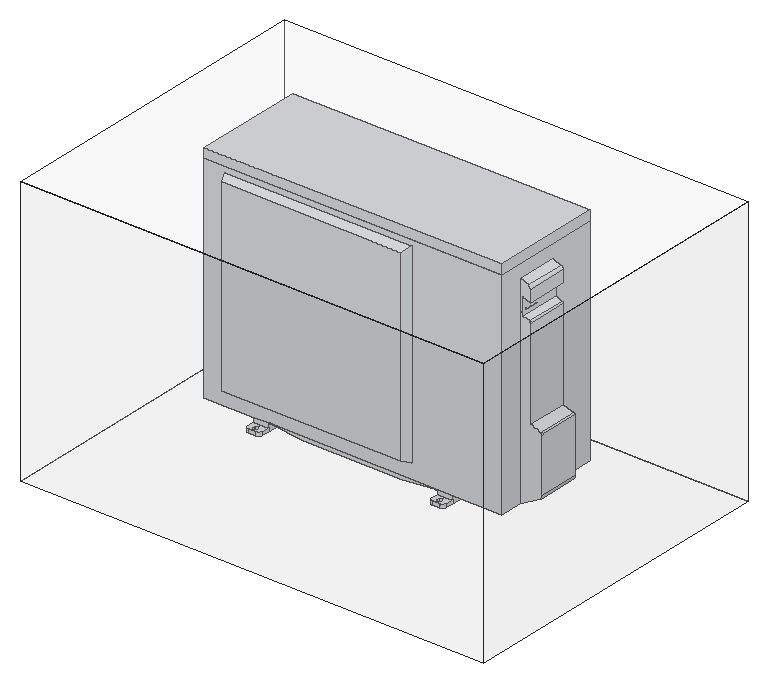
Revit family "puz-zrmp40_63(s)ka11_60Hz", category 機械設備, Revit 2019
Family settings
  丸型コネクタ寸法 = 直径を使用
  パーツ タイプ = 標準
  OmniClass 番号 = 23.75.10.24.21.27.27
  OmniClass タイトル = Split System Air Conditioning Units
  作業面ベース = いいえ
  常に垂直 = はい
  ロード時にボイドで切り取り = いいえ
  共有 = いいえ
  部屋計算ポイント = いいえ
Parameters (values of type "PUZ-ZRMP40KA11")
  音響パワーレベル（冷）(dB) = 64
  音響パワーレベル(dB) = 66
  電源種別 = ""
  電源位置Y = 61 mm
  電源位置Z = 497.7 mm
  電源位置X = 400 mm
  電圧 = 200 V
  電動機出力_送風機 = 0.04 kW
  電動機出力_圧縮機 = 0.6 kW
  集中コントローラ [instance] = ""
  運転質量 = 0.00 kg
  運転方法 = "冷暖切替"
  質量 = if(製品質量 > 運転質量, 製品質量, 運転質量) * 1.2  # 49.20 kg
  負荷分類 = 1_熱源類
  説明 = "空冷H/P PAC インバータ室外機"
  設計暖房能力 [instance] = 0 kW
  設計冷房能力_顕熱 [instance] = 0 kW
  設計冷房能力 [instance] = 0 kW
  設置方法 = "床置形"
  記号 [instance] = ""
  製造元 = "三菱電機株式会社"
  製品質量 = 41.00 kg
  製品出荷対象 = "国内"
  製品リリース年月 = "2021年5月10日"
  製品グループ = ""
  系統 [instance] = ""
  符号 = "PAC"
  積算_科目 = "1 空気調和設備"
  積算_拾い区分 [instance] = ""
  相 = 3
  盤記号 [instance] = ""
  発停方法 = "付属スイッチ"
  特殊仕様 [instance] = ""
  消費電力_暖房 = 0.705 kW
  消費電力_冷房 = 0.615 kW
  消費電力 = if(消費電力_冷房 > 消費電力_暖房, 消費電力_冷房, 消費電力_暖房)  # 0.705 kW
  法定耐用年数 = "6"
  構成品番 = "PUZ-ZRMP40KA"
  極数 = 3
  材質 [instance] = ""
  本体マテリアル = none
  最小電線太さ_mm2 = 1.6
  最大電流値 = 0 A
  暖房能力 = 4 kW
  推奨ブレーカー容量 = 15 A
  据付ピッチ1 = 0 mm
  形式 = "パッケージ形 室外機"
  形名 = PUZ-ZRMP-1 : PUZ-ZRMP-1
  幹線記号 [instance] = ""
  始動方式 = "インバータ始動方式"
  呼称 = "パッケージ形空気調和機_室外機"
  周波数 = 60 Hz
  価格 = 482000
  ドレン　位置Z = 8.5 mm
  ドレン　位置Y = 48.5 mm
  ドレン　位置X = 404.5 mm
  アンカーボルト位置Y = 330 mm
  アンカーボルト位置X = 500 mm
  参照している仕様書等のバージョン = "公共建築物標準仕様書（機械設備工事編）平成31年度版"
  分類コード = "50053003126100"
  分類グループ = ""
  冷房能力 = 3.6 kW
  冷媒管（ガス）位置X = 420 mm
  冷媒管（液）位置X = 420 mm
  冷媒管（液）位置Y = 153.75 mm
  冷媒管（ガス）位置Y = 153.75 mm
  冷媒管長 [instance] = 0 mm
  冷媒管径符号 = "Ac"
  冷媒管径 = 60.00 mm
  冷媒管位置Z = 158.95 mm
  冷媒管位置Y = (冷媒管（液）位置Y + 冷媒管（ガス）位置Y) / 2  # 153.75 mm
  冷媒管位置X = (冷媒管（液）位置X + 冷媒管（ガス）位置X) / 2  # 420 mm
  冷媒液管径 = 6.35 mm
  冷媒ガス管径 = 12.70 mm
  企業コード = "108420"
  付属品 [instance] = ""
  仕様書バージョン = "Version1.0"
  ユニット数 = 1
  ユニット3 = yes
  ユニット2 = yes
  Model = ""
  ドレン管径 = 42.00 mm
  サービススペース = yes
  コメント [instance] = ""
  ケーブル種類1 = ""
  Width = 809 mm
  Version = ""
  Uniclass2015Version = "Systems v1.9"
  Uniclass2015Title = "Split coil remote air cooled condensing units"
  Uniclass2015Code = "Pr_70_65_03_84"
  URL = "https://www.mitsubishielectric.co.jp/ldg/wink/ssl/displayProduct.do?pid=311383"
  SpecificationReference = ""
  SpecificationDescription = ""
  Revision = ""
  ProductInformation = ""
  OmniClassCode = "23-33 17 13 11"
  IfcTypeProduct = ""
  IfcProduct = ""
  IfcExportType = "AIRCONDITIONINGUNIT"
  IfcExportAs = "IfcUnitaryEquipmentType"
  Height = 630 mm
  Depth = 300 mm
  Clearance Top = 100 mm
  Clearance Right = 350 mm
  Clearance Left = 100 mm
  Clearance Front = 500 mm
  Clearance Bottom = 0 mm
  Clearance Back = 100 mm
  COP = 0
  Author = "三菱電機株式会社"
  APF = 0
Reference planes
  plane 1 "中心(正面/背面)": y = 74
  plane 2: z = 0
  plane 3 "中心(左/右)": x = 830
  plane 4 "右": x = 1234.5
  plane 5 "左": x = 425.5
  plane 6 "背面": y = 224
  plane 7 "正面": y = -76
  plane 8 "上部": z = 630
  plane 9 "Clearanse Top": z = 730
  plane 10 "SS_back": y = 324
  plane 11 "SS_front": y = -576
  plane 12 "SS_left": x = 325.5
  plane 13 "SS_right": x = 1584.5
  plane 14: z = 0
  plane 15: y = -15
  plane 16: x = 1230
  plane 17: z = 497.7
  plane 18: y = -13
  plane 19: y = 70.25
  plane 20: x = 1250
  plane 21: y = 175.5
  plane 22: x = 830
  plane 23: z = 10.5
  plane 24: z = 8.5
  plane 25: x = 580
  plane 26: x = 1080
  plane 27: y = 239
  plane 28: y = -91
Forms (mm)
  Extrusion 1, solid, detail levels fine
    sketch origin (0, -76, 0) x (1, 0, 0) y (0, 0, 1)
      loop
        circle (1230, 497.7) r 13.5
    from -63 to -61
  Extrusion 2, solid, detail levels fine
    sketch origin (-1437.329, -1524, 54) x (-1, 0, 0) y (0, -1, 0)
      loop
        circle (-2267.329, -1699.5) r 21
    from -45.5 to -43.5
  Sweep 3, solid, material <- "本体マテリアル", detail levels fine
    path origin (1250, 1296.25, 1200) x (0, 1, 0) y (0, 0, 1)
      loop
        line (-1226, -1041.05) -> (-1272.623, -1084.565)
    profile origin (1250, 46.939, 137.193) x (0, 0.682318, -0.731055) y (1, 0, 0)
      loop
        circle (0, 0) r 30
Lines and regions (mm)
  model lines, not visible
    curve 1: line (460, 178.667, 1289.179) -> (460, 297.73, 1289.179)
    curve 2: line (460, 178.667, 1056.056) -> (460, 178.667, 1289.179)
    curve 3: line (460, 297.73, 1056.056) -> (460, 178.667, 1056.056)
    curve 4: line (460, 297.73, 1289.179) -> (460, 297.73, 1056.056)
    curve 5: line (460, 47.598, 1289.179) -> (460, 166.661, 1289.179)
    curve 6: line (460, 47.598, 1056.056) -> (460, 47.598, 1289.179)
    curve 7: line (460, 166.661, 1056.056) -> (460, 47.598, 1056.056)
    curve 8: line (460, 166.661, 1289.179) -> (460, 166.661, 1056.056)
    curve 9: line (460, -83.471, 1289.179) -> (460, 35.592, 1289.179)
    curve 10: line (460, -83.471, 1056.056) -> (460, -83.471, 1289.179)
    curve 11: line (460, 35.592, 1056.056) -> (460, -83.471, 1056.056)
    curve 12: line (460, 35.592, 1289.179) -> (460, 35.592, 1056.056)
    curve 13: line (460, -150.779, 1289.179) -> (460, -95.75, 1289.179)
    curve 14: line (460, -150.779, 1056.056) -> (460, -150.779, 1289.179)
    curve 15: line (460, -95.75, 1056.056) -> (460, -150.779, 1056.056)
    curve 16: line (460, -95.75, 1289.179) -> (460, -95.75, 1056.056)
    curve 17: line (460, -150.779, 1283.175) -> (460, -132.596, 1283.175)
    curve 18: line (460, -150.779, 1062.059) -> (460, -150.779, 1283.175)
    curve 19: line (460, -132.596, 1062.059) -> (460, -150.779, 1062.059)
    curve 20: line (460, -132.596, 1283.175) -> (460, -132.596, 1062.059)
    curve 21: line (460, 178.667, 1046.051) -> (460, 297.73, 1046.051)
    curve 22: line (460, 178.667, 812.928) -> (460, 178.667, 1046.051)
    curve 23: line (460, 297.73, 812.928) -> (460, 178.667, 812.928)
    curve 24: line (460, 297.73, 1046.051) -> (460, 297.73, 812.928)
    curve 25: line (460, 47.598, 1046.051) -> (460, 166.661, 1046.051)
    curve 26: line (460, 47.598, 812.928) -> (460, 47.598, 1046.051)
    curve 27: line (460, 166.661, 812.928) -> (460, 47.598, 812.928)
    curve 28: line (460, 166.661, 1046.051) -> (460, 166.661, 812.928)
    curve 29: line (460, -83.471, 1046.051) -> (460, 35.592, 1046.051)
    curve 30: line (460, -83.471, 812.928) -> (460, -83.471, 1046.051)
    curve 31: line (460, 35.592, 812.928) -> (460, -83.471, 812.928)
    curve 32: line (460, 35.592, 1046.051) -> (460, 35.592, 812.928)
    curve 33: line (460, -150.779, 1046.051) -> (460, -95.75, 1046.051)
    curve 34: line (460, -150.779, 812.928) -> (460, -150.779, 1046.051)
    curve 35: line (460, -95.75, 812.928) -> (460, -150.779, 812.928)
    curve 36: line (460, -95.75, 1046.051) -> (460, -95.75, 812.928)
    curve 37: line (460, -150.779, 1040.048) -> (460, -132.596, 1040.048)
    curve 38: line (460, -150.779, 818.931) -> (460, -150.779, 1040.048)
    curve 39: line (460, -132.596, 818.931) -> (460, -150.779, 818.931)
    curve 40: line (460, -132.596, 1040.048) -> (460, -132.596, 818.931)
    curve 41: line (460, 178.667, 802.923) -> (460, 297.73, 802.923)
    curve 42: line (460, 178.667, 569.8) -> (460, 178.667, 802.923)
    curve 43: line (460, 297.73, 569.8) -> (460, 178.667, 569.8)
    curve 44: line (460, 297.73, 802.923) -> (460, 297.73, 569.8)
    curve 45: line (460, 47.598, 802.923) -> (460, 166.661, 802.923)
    curve 46: line (460, 47.598, 569.8) -> (460, 47.598, 802.923)
    curve 47: line (460, 166.661, 569.8) -> (460, 47.598, 569.8)
    curve 48: line (460, 166.661, 802.923) -> (460, 166.661, 569.8)
    curve 49: line (460, -83.471, 802.923) -> (460, 35.592, 802.923)
    curve 50: line (460, -83.471, 569.8) -> (460, -83.471, 802.923)
    curve 51: line (460, 35.592, 569.8) -> (460, -83.471, 569.8)
    curve 52: line (460, 35.592, 802.923) -> (460, 35.592, 569.8)
    curve 53: line (460, -150.779, 802.923) -> (460, -95.75, 802.923)
    curve 54: line (460, -150.779, 569.8) -> (460, -150.779, 802.923)
    curve 55: line (460, -95.75, 569.8) -> (460, -150.779, 569.8)
    curve 56: line (460, -95.75, 802.923) -> (460, -95.75, 569.8)
    curve 57: line (460, -150.779, 796.92) -> (460, -132.596, 796.92)
    curve 58: line (460, -150.779, 575.803) -> (460, -150.779, 796.92)
    curve 59: line (460, -132.596, 575.803) -> (460, -150.779, 575.803)
    curve 60: line (460, -132.596, 796.92) -> (460, -132.596, 575.803)
    curve 61: line (460, 178.667, 559.795) -> (460, 297.73, 559.795)
    curve 62: line (460, 178.667, 326.672) -> (460, 178.667, 559.795)
    curve 63: line (460, 297.73, 326.672) -> (460, 178.667, 326.672)
    curve 64: line (460, 297.73, 559.795) -> (460, 297.73, 326.672)
    curve 65: line (460, 47.598, 559.795) -> (460, 166.661, 559.795)
    curve 66: line (460, 47.598, 326.672) -> (460, 47.598, 559.795)
    curve 67: line (460, 166.661, 326.672) -> (460, 47.598, 326.672)
    curve 68: line (460, 166.661, 559.795) -> (460, 166.661, 326.672)
    curve 69: line (460, -83.471, 559.795) -> (460, 35.592, 559.795)
    curve 70: line (460, -83.471, 326.672) -> (460, -83.471, 559.795)
    curve 71: line (460, 35.592, 326.672) -> (460, -83.471, 326.672)
    curve 72: line (460, 35.592, 559.795) -> (460, 35.592, 326.672)
    curve 73: line (460, -150.779, 559.795) -> (460, -95.75, 559.795)
    curve 74: line (460, -150.779, 326.672) -> (460, -150.779, 559.795)
    curve 75: line (460, -95.75, 326.672) -> (460, -150.779, 326.672)
    curve 76: line (460, -95.75, 559.795) -> (460, -95.75, 326.672)
    curve 77: line (460, -150.779, 553.792) -> (460, -132.596, 553.792)
    curve 78: line (460, -150.779, 332.675) -> (460, -150.779, 553.792)
    curve 79: line (460, -132.596, 332.675) -> (460, -150.779, 332.675)
    curve 80: line (460, -132.596, 553.792) -> (460, -132.596, 332.675)
    curve 81: line (460, 178.667, 316.667) -> (460, 297.73, 316.667)
    curve 82: line (460, 178.667, 83.544) -> (460, 178.667, 316.667)
    curve 83: line (460, 297.73, 83.544) -> (460, 178.667, 83.544)
    curve 84: line (460, 297.73, 316.667) -> (460, 297.73, 83.544)
    curve 85: line (460, 47.598, 316.667) -> (460, 166.661, 316.667)
    curve 86: line (460, 47.598, 83.544) -> (460, 47.598, 316.667)
    curve 87: line (460, 166.661, 83.544) -> (460, 47.598, 83.544)
    curve 88: line (460, 166.661, 316.667) -> (460, 166.661, 83.544)
    curve 89: line (460, -83.471, 316.667) -> (460, 35.592, 316.667)
    curve 90: line (460, -83.471, 83.544) -> (460, -83.471, 316.667)
    curve 91: line (460, 35.592, 83.544) -> (460, -83.471, 83.544)
    curve 92: line (460, 35.592, 316.667) -> (460, 35.592, 83.544)
    curve 93: line (460, -150.779, 316.667) -> (460, -95.75, 316.667)
    curve 94: line (460, -150.779, 83.544) -> (460, -150.779, 316.667)
    curve 95: line (460, -95.75, 83.544) -> (460, -150.779, 83.544)
    curve 96: line (460, -95.75, 316.667) -> (460, -95.75, 83.544)
    curve 97: line (460, -150.779, 310.664) -> (460, -132.596, 310.664)
    curve 98: line (460, -150.779, 89.547) -> (460, -150.779, 310.664)
    curve 99: line (460, -132.596, 89.547) -> (460, -150.779, 89.547)
    curve 100: line (460, -132.596, 310.664) -> (460, -132.596, 89.547)
Dimensions and locks
  equal spacing: plane 7 "正面", plane 1 "中心(正面/背面)", plane 6 "背面"
  "Depth": plane 7 "正面" to plane 6 "背面"
  "Width": plane 5 "左" to plane 4 "右"
  equal spacing: plane 5 "左", plane 3 "中心(左/右)", plane 4 "右"
  "Clearance Left": plane 12 "SS_left" to plane 5 "左"
  "Clearance Right": plane 4 "右" to plane 13 "SS_right"
  "Clearance Back": plane 6 "背面" to plane 10 "SS_back"
  "Clearance Front": plane 11 "SS_front" to plane 7 "正面"
  "Height": plane 8 "上部" to level
  "Clearance Top": plane 9 "Clearanse Top" to plane 8 "上部"
  "Clearance Bottom": level to plane 14
  "電源位置X": plane 3 "中心(左/右)" to plane 16
  "電源位置Y": plane 7 "正面" to plane 15
  "電源位置Z": plane 17 to level
  locked: plane 15 to plane 18 at 2
  "冷媒管位置X": plane 3 "中心(左/右)" to plane 20
  "冷媒管位置Y": plane 19 to plane 6 "背面"
  "ドレン　位置X": plane 5 "左" to plane 22
  "ドレン　位置Y": plane 21 to plane 6 "背面"
  locked: plane 23 to plane 24 at 2
  "ドレン　位置Z": plane 24 to level
  equal spacing: plane 28, plane 1 "中心(正面/背面)", plane 27
  "アンカーボルト位置Y": plane 28 to plane 27
  equal spacing: plane 25, plane 3 "中心(左/右)", plane 26
  "アンカーボルト位置X": plane 25 to plane 26
  radius of Extrusion 1 sketch curve = 13.5 mm
  "ドレン管径": diameter of Extrusion 2 sketch curve
  "冷媒管径": diameter of Sweep 3 sketch curve
  aligned and locked: level to plane 2
  aligned and locked: plane 10 "SS_back" to nested 1  (x2)
  aligned and locked: plane 13 "SS_right" to nested 1
  aligned and locked: plane 12 "SS_left" to nested 1  (x2)
  aligned and locked: nested 1 to plane 13 "SS_right"
  aligned and locked: plane 11 "SS_front" to nested 1
  aligned and locked: plane 9 "Clearanse Top" to nested 1
  aligned and locked: plane 1 "中心(正面/背面)" to nested 2
  aligned and locked: plane 3 "中心(左/右)" to nested 2
  aligned and locked: plane 14 to nested 1
  aligned and locked: plane 17 to Extrusion 1 sketch curve
  aligned and locked: plane 16 to Extrusion 1 sketch curve
  aligned and locked: Extrusion 1 to plane 18
  aligned and locked: plane 15 to Extrusion 1
  aligned and locked: plane 22 to Extrusion 2 sketch curve
  aligned and locked: plane 21 to Extrusion 2 sketch curve
  aligned and locked: plane 23 to Extrusion 2
  aligned and locked: Extrusion 2 to plane 24
  aligned and locked: plane 25 to nested 3
  aligned and locked: plane 27 to nested 3
Automatic sketch dimensions
  Sweep 3 sketch curve to plane 18 = 36.627 mm
  plane 1 "中心(正面/背面)" to Sweep 3 sketch curve = 3.75 mm
  plane 23 to Sweep 3 sketch curve = 104.935 mm
  Sweep 3 sketch curve to Sweep 3 sketch curve = 43.515 mm
  Sweep 3 sketch curve to plane 20 = 0 mm
  Sweep 3 sketch curve to profile plane = 0 mm
Nested families
  nested 1: "サービススペース" at (955, -126, 365), visible <- "サービススペース", type "サービススペース"
    with Width 1259 mm, Height 730 mm, Depth 900 mm
  nested 2: "PUZ-ZRMP-1" at (830, 74, 0), type <- "形名", type "PUZ-ZRMP-1"
  nested 3: "固定点" at (580, -91, 0), type "固定点"
    with 中心円 10 mm, W 500 mm, D 330 mm
Connectors
  electrical at (1230, -15, 497.7), driven by "極数", driven by "負荷分類", driven by "電圧", driven by "消費電力"
    settings: on Extrusion 1, index 2, voltage 200 V, apparent load 705 VA, apparent load phase1 0 VA, apparent load phase2 0 VA, apparent load phase3 0 VA, power factor 1, load classification "1_熱源類", number of poles 3, system type 30, power factor state 1, is connector primary yes, connector utility no, sub classification motor no, connector description ""
  piping at (1250, 70.25, 158.95), diameter 60, driven by "冷媒管径", driven by "冷媒管径符号"
    settings: on Sweep 3, index 3, connector inside diameter 609.60 mm, connector length 0 mm, flow factor 0, pipe flow 0.0 L/s, pressure drop 0.0 Pa, fitting loss kfactor 0, connector angle 0.00°, fixture units 0, engagement length 0 mm, angle of deflection 0.00°, flow configuration 1, flow direction 2, fitting loss method 4, system type 7, joint type 0, gender type 0, connector reference index -1, connector utility 0, adjustable connector no, is connector primary yes, connector description "Ac"
Definition of nested family "サービススペース"
  Parameters (values of type "サービススペース")
    Width [instance] = 500 mm
    Height [instance] = 500 mm
    Depth [instance] = 500 mm
  Reference planes
    plane 1 "中心(正面/背面)": y = 0
    plane 2: z = 0
    plane 3 "中心(左/右)": x = 0
    plane 4: y = -250
    plane 5: x = 250
    plane 6: y = 250
    plane 7: x = -250
    plane 8: z = 250
    plane 9: z = -250
  Forms (mm)
    Extrusion 1, solid
      sketch origin (-638.939, 0, 72.39) x (1, 0, 0) y (0, 1, 0)
        loop
          line (388.939, 250) -> (388.939, -250) -> (888.939, -250) -> (888.939, 250) -> (388.939, 250)
      from -322.39 to 177.61
  Lines and regions (mm)
    symbolic lines
      curve 1: line (-250, 0, 250) -> (250, 0, 250)
      curve 2: line (-250, 0, -250) -> (-250, 0, 250)
      curve 3: line (250, 0, -250) -> (-250, 0, -250)
      curve 4: line (250, 0, 250) -> (250, 0, -250)
      curve 5: line (0, -250, 250) -> (0, 250, 250)
      curve 6: line (0, -250, -250) -> (0, -250, 250)
      curve 7: line (0, 250, -250) -> (0, -250, -250)
      curve 8: line (0, 250, 250) -> (0, 250, -250)
      curve 9: line (-250, 250, 0) -> (250, 250, 0)
      curve 10: line (-250, -250, 0) -> (-250, 250, 0)
      curve 11: line (250, -250, 0) -> (-250, -250, 0)
      curve 12: line (250, 250, 0) -> (250, -250, 0)
  Dimensions and locks
    equal spacing: plane 7, plane 3 "中心(左/右)", plane 5
    equal spacing: plane 4, plane 1 "中心(正面/背面)", plane 6
    "Depth": plane 4 to plane 6
    "Width": plane 7 to plane 5
    equal spacing: plane 8, plane 2, plane 9
    "Height": plane 8 to plane 9
    aligned and locked: plane 9 to curve 3
    aligned and locked: plane 7 to curve 2
    aligned and locked: curve 4 to plane 5
    aligned and locked: plane 5 to Extrusion 1
    aligned and locked: Extrusion 1 to plane 7
    aligned and locked: Extrusion 1 to plane 9
    aligned and locked: plane 8 to Extrusion 1
    aligned and locked: plane 9 to curve 7
  Automatic sketch dimensions
    plane 4 to Extrusion 1 sketch curve = 0 mm
    Extrusion 1 sketch curve to plane 7 = 0 mm
    Extrusion 1 sketch curve to plane 5 = 0 mm
    plane 6 to Extrusion 1 sketch curve = 0 mm
    curve 2 to plane 8 = 0 mm
    plane 4 to curve 11 = 0 mm
    curve 11 to plane 7 = 0 mm
    curve 11 to plane 5 = 0 mm
    plane 6 to curve 10 = 0 mm
    curve 7 to plane 4 = 0 mm
    curve 7 to plane 6 = 0 mm
    curve 6 to plane 8 = 0 mm
Definition of nested family "PUZ-ZRMP-1"
  Parameters (values of type "PUZ-ZRMP-1")
    配線取出口サイズ = 27 mm
    配線取出口-Z = 497.7 mm
    配線取出口-Y = 239 mm
    配線取出口-X = 400 mm
    液配管サイズ = 50 mm
    高さ = 630 mm
    換気-W = 310 mm
    換気-H2 = 632 mm
    換気-H1 = 325 mm
    換気-D = 23.2 mm
    奥行き = 300 mm
    吊りボルト_H = 0 mm
    吊りボルト-φ = 10 mm
    冷媒配管サイズ = 6.35 mm
    冷媒液管径-Z = 164.5 mm
    冷媒液管径-Y = 185.5 mm
    冷媒液管径-X = 420 mm
    冷媒ガス管径-Z = 99.5 mm
    冷媒ガス管径-Y = 185.5 mm
    冷媒ガス管径-X = 420 mm
    吊りボルト-W = 500 mm
    マテリアル = none
    ドレン配管サイズ = 42 mm
    ドレン管径-Z = 0 mm
    ドレン管径-Y = 251.5 mm
    ドレン管径-X = 404.5 mm
    タイプ3 = no
    タイプ2 = no
    タイプ1 = yes
    ガス配管サイズ = 12.7 mm
    吊りボルト-D = 330 mm
    幅さ = 809 mm
    a = 600 mm
  Reference planes
    plane 1 "中心(正面/背面)": y = 0
    plane 2: z = 0
    plane 3 "中心(左/右)": x = 0
    plane 4: z = 630
    plane 5: x = -404.5
    plane 6: x = 404.5
    plane 7: y = 150
    plane 8: y = -150
    plane 9: x = 466.5
    plane 10: y = -90
    plane 11: y = 20
    plane 12: z = 605
    plane 13: x = -424.5
    plane 14: x = -250
    plane 15: x = 250
    plane 16: y = 165
    plane 17: y = -165
    plane 18: x = 270
    plane 19: x = 230
    plane 20: x = -230
    plane 21: x = -270
    plane 22: y = 180
    plane 23: y = -180
    plane 24: z = 8.5
    plane 25: z = 20
    plane 26: z = 11.5
    plane 27: x = -135
    plane 28: x = 135
    plane 29: z = 625
    plane 30: y = -40
    plane 31: y = 40
    plane 32: y = -30
    plane 33: y = 30
    plane 34: z = 610
    plane 35: z = 55
    plane 36: z = 225
    plane 37: z = 570
    plane 38: x = 414.5
    plane 39: x = 435.5
    plane 40: y = -173.2
    plane 41: x = -94.5
    plane 42: z = 325
    plane 43: x = 159.5
    plane 44: x = -348.5
    plane 45: z = 589
    plane 46: z = 61
    plane 47: x = -338.5
    plane 48: x = 149.5
    plane 49: z = 579
    plane 50: z = 71
    plane 51: y = 100
    plane 52: y = -100
    plane 53: x = 0
    plane 54: y = 101.5
    plane 55: x = 420
    plane 56: x = 400
    plane 57: y = -89
    plane 58: y = -35.5
    plane 59: y = -35.5
    plane 60: x = 420
    plane 61: z = 99.5
    plane 62: z = 164.5
    plane 63: z = 497.7
    plane 64: y = -39
    plane 65: z = 137.3
    plane 66: z = 180.6
    plane 67: x = 420
    plane 68: y = -35.5
    plane 69 "グループ": x = -600
    plane 70: z = 1338
    plane 71: z = 943
    plane 72: z = 957
    plane 73: z = 1221
    plane 74: z = 693
    plane 75: z = 1211
    plane 76: z = 703
    plane 77: y = -12.5
    plane 78: y = 5
    plane 79: y = -3.75
  Forms (mm)
    Extrusion 1, solid, visible <- "タイプ1", detail levels fine
      sketch origin (-1437.329, -1524, 630) x (-1, 0, 0) y (0, -1, 0)
        loop
          line (-1167.329, -1674) -> (-1167.329, -1374) -> (-1207.329, -1374) -> (-1207.329, -1674) -> (-1167.329, -1674)
        loop
          line (-1667.329, -1674) -> (-1667.329, -1374) -> (-1707.329, -1374) -> (-1707.329, -1674) -> (-1667.329, -1674)
      from -630 to -610
    Extrusion 2, solid, material <- "マテリアル", visible <- "タイプ1", detail levels fine
      sketch origin (0, 0, 0) x (1, 0, 0) y (0, 0, 1)
        loop
          line (-230, 20) -> (-135, 11.5) -> (135, 11.5) -> (230, 20) -> (-230, 20)
      from -150 to 150
    Extrusion 3, solid, material <- "マテリアル", visible <- "タイプ1", detail levels fine
      sketch origin (-1437.329, -1524, 630) x (-1, 0, 0) y (0, -1, 0)
        loop
          circle (-1437.329, -1625.5) r 21
      from -621.5 to -618.5
    Extrusion 4, solid, material <- "マテリアル", visible <- "タイプ1", detail levels fine
      sketch origin (-1437.329, -1524, 630) x (-1, 0, 0) y (0, -1, 0)
        loop
          line (-1841.829, -1674) -> (-1032.829, -1674) -> (-1032.829, -1374) -> (-1841.829, -1374) -> (-1841.829, -1674)
      from -610 to -25
    Extrusion 5, solid, material <- "マテリアル", visible <- "タイプ1", detail levels fine
      sketch origin (-1437.329, -1524, 630) x (-1, 0, 0) y (0, -1, 0)
        loop
          line (-1032.829, -1674) -> (-1032.829, -1374) -> (-1841.829, -1374) -> (-1841.829, -1674) -> (-1032.829, -1674)
      from -25 to 0
    Blend 6, solid, material <- "マテリアル", visible <- "タイプ1", detail levels fine
      base sketch origin (0, 0, 0) x (0, 1, 0) y (0, 0, 1)
        loop
          line (40, 625) -> (-40, 625) -> (-40, 605) -> (40, 605) -> (40, 625)
      top sketch origin (0, 0, 0) x (0, 1, 0) y (0, 0, 1)
        loop
          line (30, 610) -> (-30, 610) -> (-30, 605) -> (30, 605) -> (30, 610)
      from -404.5 to -424.5
    Extrusion 7, solid, material <- "マテリアル", visible <- "タイプ1", detail levels fine
      sketch origin (0, 0, 0) x (1, 0, 0) y (0, 0, 1)
        loop
          line (404.5, 570) -> (404.5, 20) -> (461.416, 52.13)
          arc (461.416, 52.13) -> (465.136, 55.796) -> (466.5, 60.838) r 10
          line (466.5, 60.838) -> (466.5, 210.216)
          arc (466.5, 210.216) -> (465.596, 213.084) -> (463.21, 214.914) r 5
          line (463.21, 214.914) -> (435.5, 225) -> (435.5, 470.082)
          arc (435.5, 470.082) -> (434.596, 472.95) -> (432.21, 474.78) r 5
          line (432.21, 474.78) -> (414.5, 481.226) -> (414.5, 529.114) -> (435.5, 521.471) -> (435.5, 551.715)
          arc (435.5, 551.715) -> (433.692, 557.451) -> (428.92, 561.112) r 10
          line (428.92, 561.112) -> (404.5, 570)
      from -20 to 90
    Blend 8, solid, material <- "マテリアル", visible <- "タイプ1", detail levels fine
      base sketch origin (0, 0, 0) x (1, 0, 0) y (0, 0, 1)
        loop
          line (-348.5, 589) -> (-348.5, 61) -> (159.5, 61) -> (159.5, 589) -> (-348.5, 589)
      top sketch origin (0, 0, 0) x (1, 0, 0) y (0, 0, 1)
        loop
          line (-338.5, 579) -> (-338.5, 71) -> (149.5, 71) -> (149.5, 579) -> (-338.5, 579)
      from 150 to 173.2
    Extrusion 9, solid, material <- "マテリアル", visible <- "タイプ1", detail levels fine
      sketch origin (1480.036, -173.2, 1200) x (1, 0, 0) y (0, 0, 1)
        loop
          circle (-1080.036, -702.3) r 13.5
      from -134.2 to -84.2
    Extrusion 10, solid, visible <- "タイプ1", detail levels fine
      sketch origin (-1437.329, -1524, 630) x (-1, 0, 0) y (0, -1, 0)
        loop
          line (-1167.329, -1704) -> (-1167.329, -1674) -> (-1207.329, -1674) -> (-1207.329, -1704) -> (-1192.329, -1704) -> (-1192.329, -1689)
          arc (-1192.329, -1689) -> (-1187.329, -1684) -> (-1182.329, -1689) r 5
          line (-1182.329, -1689) -> (-1182.329, -1704) -> (-1167.329, -1704)
        loop
          line (-1667.329, -1704) -> (-1667.329, -1674) -> (-1707.329, -1674) -> (-1707.329, -1704) -> (-1692.329, -1704) -> (-1692.329, -1689)
          arc (-1692.329, -1689) -> (-1687.329, -1684) -> (-1682.329, -1689) r 5
          line (-1682.329, -1689) -> (-1682.329, -1704) -> (-1667.329, -1704)
        loop
          line (-1667.329, -1374) -> (-1667.329, -1354)
          arc (-1667.329, -1354) -> (-1670.258, -1346.929) -> (-1677.329, -1344) r 10
          line (-1677.329, -1344) -> (-1697.329, -1344)
          arc (-1697.329, -1344) -> (-1704.4, -1346.929) -> (-1707.329, -1354) r 10
          line (-1707.329, -1354) -> (-1707.329, -1374) -> (-1667.329, -1374)
        loop
          line (-1167.329, -1374) -> (-1167.329, -1354)
          arc (-1167.329, -1354) -> (-1170.258, -1346.929) -> (-1177.329, -1344) r 10
          line (-1177.329, -1344) -> (-1197.329, -1344)
          arc (-1197.329, -1344) -> (-1204.4, -1346.929) -> (-1207.329, -1354) r 10
          line (-1207.329, -1354) -> (-1207.329, -1374) -> (-1167.329, -1374)
        loop
          arc (-1192.329, -1359) -> (-1187.329, -1364) -> (-1182.329, -1359) r 5
          line (-1182.329, -1359) -> (-1182.329, -1354)
          arc (-1182.329, -1354) -> (-1187.329, -1349) -> (-1192.329, -1354) r 5
          line (-1192.329, -1354) -> (-1192.329, -1359)
        loop
          arc (-1692.329, -1359) -> (-1687.329, -1364) -> (-1682.329, -1359) r 5
          line (-1682.329, -1359) -> (-1682.329, -1354)
          arc (-1682.329, -1354) -> (-1687.329, -1349) -> (-1692.329, -1354) r 5
          line (-1692.329, -1354) -> (-1692.329, -1359)
      from -621.5 to -630
    Sweep 11, solid, material <- "マテリアル", visible <- "タイプ1", detail levels fine
      path origin (420, 1296.25, 1200) x (0, 1, 0) y (0, 0, 1)
        loop
          line (-1331.75, -1035.5) -> (-1308.75, -1019.4)
      profile origin (420, -24, 172.55) x (0, -0.573462, 0.819232) y (1, 0, 0)
        loop
          circle (0, 0) r 3.175
    Sweep 12, solid, material <- "マテリアル", visible <- "タイプ1", detail levels fine
      path origin (420, 1296.25, 1200) x (0, 1, 0) y (0, 0, 1)
        loop
          line (-1331.75, -1100.5) -> (-1291.25, -1062.7)
      profile origin (420, -15.25, 118.4) x (0, -0.682318, 0.731055) y (1, 0, 0)
        loop
          circle (0, 0) r 6.35
  Lines and regions (mm)
    Masking region 1, visible <- "タイプ1", detail levels coarse+medium
      outline origin (-1437.329, -1524, 630) x (-1, 0, 0) y (0, -1, 0)
        loop
          line (-1841.829, -1674) -> (-1707.329, -1674) -> (-1707.329, -1704) -> (-1667.329, -1704) -> (-1667.329, -1674) -> (-1207.329, -1674) -> (-1207.329, -1704) -> (-1167.329, -1704) -> (-1167.329, -1674) -> (-1032.829, -1674) -> (-1032.829, -1564) -> (-1012.829, -1554) -> (-1012.829, -1494) -> (-1032.829, -1484) -> (-1032.829, -1374) -> (-1088.829, -1374) -> (-1098.829, -1350.8) -> (-1167.855, -1350.8)
          arc (-1167.855, -1350.8) -> (-1171.498, -1345.876) -> (-1177.329, -1344) r 10
          line (-1177.329, -1344) -> (-1197.329, -1344)
          arc (-1197.329, -1344) -> (-1203.16, -1345.876) -> (-1206.804, -1350.8) r 10
          line (-1206.804, -1350.8) -> (-1586.829, -1350.8) -> (-1596.829, -1374) -> (-1667.329, -1374) -> (-1667.329, -1354)
          arc (-1667.329, -1354) -> (-1670.258, -1346.929) -> (-1677.329, -1344) r 10
          line (-1677.329, -1344) -> (-1697.329, -1344)
          arc (-1697.329, -1344) -> (-1704.4, -1346.929) -> (-1707.329, -1354) r 10
          line (-1707.329, -1354) -> (-1707.329, -1374) -> (-1841.829, -1374) -> (-1841.829, -1434) -> (-1903.829, -1434) -> (-1903.829, -1544) -> (-1841.829, -1544) -> (-1841.829, -1674)
    model lines, visible <- "タイプ1", detail levels fine
      curve 1: line (324.5, 100, 630) -> (-324.5, 100, 630)
      curve 2: line (-324.5, -100, 630) -> (324.5, -100, 630)
      curve 3: line (-324.5, -40, 630) -> (324.5, -40, 630)
      curve 4: line (324.5, 40, 630) -> (-324.5, 40, 630)
      curve 5: line (-324.5, -30, 630) -> (324.5, -30, 630)
      curve 6: line (324.5, 30, 630) -> (-324.5, 30, 630)
      curve 7: line (-324.5, 100, 630) -> (-324.5, 40, 630)
      curve 8: line (324.5, -100, 630) -> (324.5, -40, 630)
      curve 9: line (-324.5, 30, 630) -> (-324.5, -30, 630)
      curve 10: line (-324.5, -40, 630) -> (-324.5, -100, 630)
      curve 11: line (324.5, -30, 630) -> (324.5, 30, 630)
      curve 12: line (324.5, 40, 630) -> (324.5, 100, 630)
      curve 13: line (354.5, -100, 630) -> (354.5, 100, 630)
      curve 14: line (339.5, -100, 630) -> (339.5, 100, 630)
      curve 15: line (-354.5, 100, 630) -> (-354.5, -100, 630)
      curve 16: line (-339.5, 100, 630) -> (-339.5, -100, 630)
      curve 17: line (-339.5, 100, 630) -> (-354.5, 100, 630)
      curve 18: line (-339.5, -100, 630) -> (-354.5, -100, 630)
      curve 19: line (339.5, 100, 630) -> (354.5, 100, 630)
      curve 20: line (339.5, -100, 630) -> (354.5, -100, 630)
      curve 21: line (-338.5, -173.2, 372.5) -> (149.5, -173.2, 372.5)
      curve 22: line (149.5, -173.2, 277.5) -> (-338.5, -173.2, 277.5)
      curve 23: line (-338.5, -173.2, 467.5) -> (149.5, -173.2, 467.5)
      curve 24: line (-338.5, -173.2, 562.5) -> (149.5, -173.2, 562.5)
      curve 25: line (149.5, -173.2, 182.5) -> (-338.5, -173.2, 182.5)
      curve 26: line (149.5, -173.2, 87.5) -> (-338.5, -173.2, 87.5)
      curve 27: line (-321.071, -173.2, 579) -> (-321.071, -173.2, 71)
      curve 28: line (132.071, -173.2, 71) -> (132.071, -173.2, 579)
      curve 29: line (-303.643, -173.2, 579) -> (-303.643, -173.2, 71)
      curve 30: line (-286.214, -173.2, 579) -> (-286.214, -173.2, 71)
      curve 31: line (-268.786, -173.2, 579) -> (-268.786, -173.2, 71)
      curve 32: line (-251.357, -173.2, 579) -> (-251.357, -173.2, 71)
      curve 33: line (-233.929, -173.2, 579) -> (-233.929, -173.2, 71)
      curve 34: line (-216.5, -173.2, 579) -> (-216.5, -173.2, 71)
      curve 35: line (-199.071, -173.2, 579) -> (-199.071, -173.2, 71)
      curve 36: line (-181.643, -173.2, 579) -> (-181.643, -173.2, 71)
      curve 37: line (-164.214, -173.2, 579) -> (-164.214, -173.2, 71)
      curve 38: line (-146.786, -173.2, 579) -> (-146.786, -173.2, 71)
      curve 39: line (-129.357, -173.2, 579) -> (-129.357, -173.2, 71)
      curve 40: line (-111.929, -173.2, 579) -> (-111.929, -173.2, 71)
      curve 41: line (-94.5, -173.2, 579) -> (-94.5, -173.2, 71)
      curve 42: line (-77.071, -173.2, 579) -> (-77.071, -173.2, 71)
      curve 43: line (-59.643, -173.2, 579) -> (-59.643, -173.2, 71)
      curve 44: line (-42.214, -173.2, 579) -> (-42.214, -173.2, 71)
      curve 45: line (-24.786, -173.2, 579) -> (-24.786, -173.2, 71)
      curve 46: line (-7.357, -173.2, 579) -> (-7.357, -173.2, 71)
      curve 47: line (10.071, -173.2, 579) -> (10.071, -173.2, 71)
      curve 48: line (27.5, -173.2, 579) -> (27.5, -173.2, 71)
      curve 49: line (44.929, -173.2, 579) -> (44.929, -173.2, 71)
      curve 50: line (62.357, -173.2, 579) -> (62.357, -173.2, 71)
      curve 51: line (79.786, -173.2, 579) -> (79.786, -173.2, 71)
      curve 52: line (97.214, -173.2, 579) -> (97.214, -173.2, 71)
      curve 53: line (114.643, -173.2, 579) -> (114.643, -173.2, 71)
      curve 54: line (-404.5, -10, 574) -> (-404.5, -10, 584)
      curve 55: line (-404.5, -100, 584) -> (-404.5, -100, 574)
      curve 56: line (-404.5, 100, 584) -> (-404.5, 100, 574)
      curve 57: line (-404.5, 10, 584) -> (-404.5, 10, 574)
      curve 58: line (-404.5, 95, 589) -> (-404.5, 15, 589)
      curve 59: line (-404.5, -15, 589) -> (-404.5, -95, 589)
      curve 60: line (-404.5, -15, 569) -> (-404.5, -95, 569)
      curve 61: line (-404.5, 95, 569) -> (-404.5, 15, 569)
      curve 62: arc (-404.5, 100, 584) -> (-404.5, 98.536, 587.536) -> (-404.5, 95, 589) r 5
      curve 63: arc (-404.5, 95, 569) -> (-404.5, 98.536, 570.464) -> (-404.5, 100, 574) r 5
      curve 64: arc (-404.5, 10, 584) -> (-404.5, 11.464, 587.536) -> (-404.5, 15, 589) r 5
      curve 65: arc (-404.5, 10, 574) -> (-404.5, 11.464, 570.464) -> (-404.5, 15, 569) r 5
      curve 66: arc (-404.5, -10, 584) -> (-404.5, -11.464, 587.536) -> (-404.5, -15, 589) r 5
      curve 67: arc (-404.5, -15, 569) -> (-404.5, -11.464, 570.464) -> (-404.5, -10, 574) r 5
      curve 68: arc (-404.5, -95, 589) -> (-404.5, -98.536, 587.536) -> (-404.5, -100, 584) r 5
      curve 69: arc (-404.5, -100, 574) -> (-404.5, -98.536, 570.464) -> (-404.5, -95, 569) r 5
      curve 70: line (-404.5, -10, 544) -> (-404.5, -10, 554)
      curve 71: line (-404.5, -100, 554) -> (-404.5, -100, 544)
      curve 72: line (-404.5, 100, 554) -> (-404.5, 100, 544)
      curve 73: line (-404.5, 10, 554) -> (-404.5, 10, 544)
      curve 74: line (-404.5, 95, 559) -> (-404.5, 15, 559)
      curve 75: line (-404.5, -15, 559) -> (-404.5, -95, 559)
      curve 76: line (-404.5, -15, 539) -> (-404.5, -95, 539)
      curve 77: line (-404.5, 95, 539) -> (-404.5, 15, 539)
      curve 78: arc (-404.5, 100, 554) -> (-404.5, 98.536, 557.536) -> (-404.5, 95, 559) r 5
      curve 79: arc (-404.5, 95, 539) -> (-404.5, 98.536, 540.464) -> (-404.5, 100, 544) r 5
      curve 80: arc (-404.5, 10, 554) -> (-404.5, 11.464, 557.536) -> (-404.5, 15, 559) r 5
      curve 81: arc (-404.5, 10, 544) -> (-404.5, 11.464, 540.464) -> (-404.5, 15, 539) r 5
      curve 82: arc (-404.5, -10, 554) -> (-404.5, -11.464, 557.536) -> (-404.5, -15, 559) r 5
      curve 83: arc (-404.5, -15, 539) -> (-404.5, -11.464, 540.464) -> (-404.5, -10, 544) r 5
      curve 84: arc (-404.5, -95, 559) -> (-404.5, -98.536, 557.536) -> (-404.5, -100, 554) r 5
      curve 85: arc (-404.5, -100, 544) -> (-404.5, -98.536, 540.464) -> (-404.5, -95, 539) r 5
      curve 86: line (-404.5, -10, 514) -> (-404.5, -10, 524)
      curve 87: line (-404.5, -100, 524) -> (-404.5, -100, 514)
      curve 88: line (-404.5, 100, 524) -> (-404.5, 100, 514)
      curve 89: line (-404.5, 10, 524) -> (-404.5, 10, 514)
      curve 90: line (-404.5, 95, 529) -> (-404.5, 15, 529)
      curve 91: line (-404.5, -15, 529) -> (-404.5, -95, 529)
      curve 92: line (-404.5, -15, 509) -> (-404.5, -95, 509)
      curve 93: line (-404.5, 95, 509) -> (-404.5, 15, 509)
      curve 94: arc (-404.5, 100, 524) -> (-404.5, 98.536, 527.536) -> (-404.5, 95, 529) r 5
      curve 95: arc (-404.5, 95, 509) -> (-404.5, 98.536, 510.464) -> (-404.5, 100, 514) r 5
      curve 96: arc (-404.5, 10, 524) -> (-404.5, 11.464, 527.536) -> (-404.5, 15, 529) r 5
      curve 97: arc (-404.5, 10, 514) -> (-404.5, 11.464, 510.464) -> (-404.5, 15, 509) r 5
      curve 98: arc (-404.5, -10, 524) -> (-404.5, -11.464, 527.536) -> (-404.5, -15, 529) r 5
      curve 99: arc (-404.5, -15, 509) -> (-404.5, -11.464, 510.464) -> (-404.5, -10, 514) r 5
      curve 100: arc (-404.5, -95, 529) -> (-404.5, -98.536, 527.536) -> (-404.5, -100, 524) r 5
      curve 101: arc (-404.5, -100, 514) -> (-404.5, -98.536, 510.464) -> (-404.5, -95, 509) r 5
      curve 102: line (-404.5, -10, 484) -> (-404.5, -10, 494)
      curve 103: line (-404.5, -100, 494) -> (-404.5, -100, 484)
      curve 104: line (-404.5, 100, 494) -> (-404.5, 100, 484)
      curve 105: line (-404.5, 10, 494) -> (-404.5, 10, 484)
      curve 106: line (-404.5, 95, 499) -> (-404.5, 15, 499)
      curve 107: line (-404.5, -15, 499) -> (-404.5, -95, 499)
      curve 108: line (-404.5, -15, 479) -> (-404.5, -95, 479)
      curve 109: line (-404.5, 95, 479) -> (-404.5, 15, 479)
      curve 110: arc (-404.5, 100, 494) -> (-404.5, 98.536, 497.536) -> (-404.5, 95, 499) r 5
      curve 111: arc (-404.5, 95, 479) -> (-404.5, 98.536, 480.464) -> (-404.5, 100, 484) r 5
      curve 112: arc (-404.5, 10, 494) -> (-404.5, 11.464, 497.536) -> (-404.5, 15, 499) r 5
      curve 113: arc (-404.5, 10, 484) -> (-404.5, 11.464, 480.464) -> (-404.5, 15, 479) r 5
      curve 114: arc (-404.5, -10, 494) -> (-404.5, -11.464, 497.536) -> (-404.5, -15, 499) r 5
      curve 115: arc (-404.5, -15, 479) -> (-404.5, -11.464, 480.464) -> (-404.5, -10, 484) r 5
      curve 116: arc (-404.5, -95, 499) -> (-404.5, -98.536, 497.536) -> (-404.5, -100, 494) r 5
      curve 117: arc (-404.5, -100, 484) -> (-404.5, -98.536, 480.464) -> (-404.5, -95, 479) r 5
      curve 118: line (-404.5, -10, 454) -> (-404.5, -10, 464)
      curve 119: line (-404.5, -100, 464) -> (-404.5, -100, 454)
      curve 120: line (-404.5, 100, 464) -> (-404.5, 100, 454)
      curve 121: line (-404.5, 10, 464) -> (-404.5, 10, 454)
      curve 122: line (-404.5, 95, 469) -> (-404.5, 15, 469)
      curve 123: line (-404.5, -15, 469) -> (-404.5, -95, 469)
      curve 124: line (-404.5, -15, 449) -> (-404.5, -95, 449)
      curve 125: line (-404.5, 95, 449) -> (-404.5, 15, 449)
      curve 126: arc (-404.5, 100, 464) -> (-404.5, 98.536, 467.536) -> (-404.5, 95, 469) r 5
      curve 127: arc (-404.5, 95, 449) -> (-404.5, 98.536, 450.464) -> (-404.5, 100, 454) r 5
      curve 128: arc (-404.5, 10, 464) -> (-404.5, 11.464, 467.536) -> (-404.5, 15, 469) r 5
      curve 129: arc (-404.5, 10, 454) -> (-404.5, 11.464, 450.464) -> (-404.5, 15, 449) r 5
      curve 130: arc (-404.5, -10, 464) -> (-404.5, -11.464, 467.536) -> (-404.5, -15, 469) r 5
      curve 131: arc (-404.5, -15, 449) -> (-404.5, -11.464, 450.464) -> (-404.5, -10, 454) r 5
      curve 132: arc (-404.5, -95, 469) -> (-404.5, -98.536, 467.536) -> (-404.5, -100, 464) r 5
      curve 133: arc (-404.5, -100, 454) -> (-404.5, -98.536, 450.464) -> (-404.5, -95, 449) r 5
      curve 134: line (-404.5, -10, 424) -> (-404.5, -10, 434)
      curve 135: line (-404.5, -100, 434) -> (-404.5, -100, 424)
      curve 136: line (-404.5, 100, 434) -> (-404.5, 100, 424)
      curve 137: line (-404.5, 10, 434) -> (-404.5, 10, 424)
      curve 138: line (-404.5, 95, 439) -> (-404.5, 15, 439)
      curve 139: line (-404.5, -15, 439) -> (-404.5, -95, 439)
      curve 140: line (-404.5, -15, 419) -> (-404.5, -95, 419)
      curve 141: line (-404.5, 95, 419) -> (-404.5, 15, 419)
      curve 142: arc (-404.5, 100, 434) -> (-404.5, 98.536, 437.536) -> (-404.5, 95, 439) r 5
      curve 143: arc (-404.5, 95, 419) -> (-404.5, 98.536, 420.464) -> (-404.5, 100, 424) r 5
      curve 144: arc (-404.5, 10, 434) -> (-404.5, 11.464, 437.536) -> (-404.5, 15, 439) r 5
      curve 145: arc (-404.5, 10, 424) -> (-404.5, 11.464, 420.464) -> (-404.5, 15, 419) r 5
      curve 146: arc (-404.5, -10, 434) -> (-404.5, -11.464, 437.536) -> (-404.5, -15, 439) r 5
      curve 147: arc (-404.5, -15, 419) -> (-404.5, -11.464, 420.464) -> (-404.5, -10, 424) r 5
      curve 148: arc (-404.5, -95, 439) -> (-404.5, -98.536, 437.536) -> (-404.5, -100, 434) r 5
      curve 149: arc (-404.5, -100, 424) -> (-404.5, -98.536, 420.464) -> (-404.5, -95, 419) r 5
      curve 150: line (-404.5, -10, 394) -> (-404.5, -10, 404)
      curve 151: line (-404.5, -100, 404) -> (-404.5, -100, 394)
      curve 152: line (-404.5, 100, 404) -> (-404.5, 100, 394)
      curve 153: line (-404.5, 10, 404) -> (-404.5, 10, 394)
      curve 154: line (-404.5, 95, 409) -> (-404.5, 15, 409)
      curve 155: line (-404.5, -15, 409) -> (-404.5, -95, 409)
      curve 156: line (-404.5, -15, 389) -> (-404.5, -95, 389)
      curve 157: line (-404.5, 95, 389) -> (-404.5, 15, 389)
      curve 158: arc (-404.5, 100, 404) -> (-404.5, 98.536, 407.536) -> (-404.5, 95, 409) r 5
      curve 159: arc (-404.5, 95, 389) -> (-404.5, 98.536, 390.464) -> (-404.5, 100, 394) r 5
      curve 160: arc (-404.5, 10, 404) -> (-404.5, 11.464, 407.536) -> (-404.5, 15, 409) r 5
      curve 161: arc (-404.5, 10, 394) -> (-404.5, 11.464, 390.464) -> (-404.5, 15, 389) r 5
      curve 162: arc (-404.5, -10, 404) -> (-404.5, -11.464, 407.536) -> (-404.5, -15, 409) r 5
      curve 163: arc (-404.5, -15, 389) -> (-404.5, -11.464, 390.464) -> (-404.5, -10, 394) r 5
      curve 164: arc (-404.5, -95, 409) -> (-404.5, -98.536, 407.536) -> (-404.5, -100, 404) r 5
      curve 165: arc (-404.5, -100, 394) -> (-404.5, -98.536, 390.464) -> (-404.5, -95, 389) r 5
      curve 166: line (-404.5, -10, 364) -> (-404.5, -10, 374)
      curve 167: line (-404.5, -100, 374) -> (-404.5, -100, 364)
      curve 168: line (-404.5, 100, 374) -> (-404.5, 100, 364)
      curve 169: line (-404.5, 10, 374) -> (-404.5, 10, 364)
      curve 170: line (-404.5, 95, 379) -> (-404.5, 15, 379)
      curve 171: line (-404.5, -15, 379) -> (-404.5, -95, 379)
      curve 172: line (-404.5, -15, 359) -> (-404.5, -95, 359)
      curve 173: line (-404.5, 95, 359) -> (-404.5, 15, 359)
      curve 174: arc (-404.5, 100, 374) -> (-404.5, 98.536, 377.536) -> (-404.5, 95, 379) r 5
      curve 175: arc (-404.5, 95, 359) -> (-404.5, 98.536, 360.464) -> (-404.5, 100, 364) r 5
      curve 176: arc (-404.5, 10, 374) -> (-404.5, 11.464, 377.536) -> (-404.5, 15, 379) r 5
      curve 177: arc (-404.5, 10, 364) -> (-404.5, 11.464, 360.464) -> (-404.5, 15, 359) r 5
      curve 178: arc (-404.5, -10, 374) -> (-404.5, -11.464, 377.536) -> (-404.5, -15, 379) r 5
      curve 179: arc (-404.5, -15, 359) -> (-404.5, -11.464, 360.464) -> (-404.5, -10, 364) r 5
      curve 180: arc (-404.5, -95, 379) -> (-404.5, -98.536, 377.536) -> (-404.5, -100, 374) r 5
      curve 181: arc (-404.5, -100, 364) -> (-404.5, -98.536, 360.464) -> (-404.5, -95, 359) r 5
      curve 182: line (-404.5, -10, 334) -> (-404.5, -10, 344)
      curve 183: line (-404.5, -100, 344) -> (-404.5, -100, 334)
      curve 184: line (-404.5, 100, 344) -> (-404.5, 100, 334)
      curve 185: line (-404.5, 10, 344) -> (-404.5, 10, 334)
      curve 186: line (-404.5, 95, 349) -> (-404.5, 15, 349)
      curve 187: line (-404.5, -15, 349) -> (-404.5, -95, 349)
      curve 188: line (-404.5, -15, 329) -> (-404.5, -95, 329)
      curve 189: line (-404.5, 95, 329) -> (-404.5, 15, 329)
      curve 190: arc (-404.5, 100, 344) -> (-404.5, 98.536, 347.536) -> (-404.5, 95, 349) r 5
      curve 191: arc (-404.5, 95, 329) -> (-404.5, 98.536, 330.464) -> (-404.5, 100, 334) r 5
      curve 192: arc (-404.5, 10, 344) -> (-404.5, 11.464, 347.536) -> (-404.5, 15, 349) r 5
      curve 193: arc (-404.5, 10, 334) -> (-404.5, 11.464, 330.464) -> (-404.5, 15, 329) r 5
      curve 194: arc (-404.5, -10, 344) -> (-404.5, -11.464, 347.536) -> (-404.5, -15, 349) r 5
      curve 195: arc (-404.5, -15, 329) -> (-404.5, -11.464, 330.464) -> (-404.5, -10, 334) r 5
      curve 196: arc (-404.5, -95, 349) -> (-404.5, -98.536, 347.536) -> (-404.5, -100, 344) r 5
      curve 197: arc (-404.5, -100, 334) -> (-404.5, -98.536, 330.464) -> (-404.5, -95, 329) r 5
      curve 198: line (-404.5, -10, 304) -> (-404.5, -10, 314)
      curve 199: line (-404.5, -100, 314) -> (-404.5, -100, 304)
      curve 200: line (-404.5, 100, 314) -> (-404.5, 100, 304)
      curve 201: line (-404.5, 10, 314) -> (-404.5, 10, 304)
      curve 202: line (-404.5, 95, 319) -> (-404.5, 15, 319)
      curve 203: line (-404.5, -15, 319) -> (-404.5, -95, 319)
      curve 204: line (-404.5, -15, 299) -> (-404.5, -95, 299)
      curve 205: line (-404.5, 95, 299) -> (-404.5, 15, 299)
      curve 206: arc (-404.5, 100, 314) -> (-404.5, 98.536, 317.536) -> (-404.5, 95, 319) r 5
      curve 207: arc (-404.5, 95, 299) -> (-404.5, 98.536, 300.464) -> (-404.5, 100, 304) r 5
      curve 208: arc (-404.5, 10, 314) -> (-404.5, 11.464, 317.536) -> (-404.5, 15, 319) r 5
      curve 209: arc (-404.5, 10, 304) -> (-404.5, 11.464, 300.464) -> (-404.5, 15, 299) r 5
      curve 210: arc (-404.5, -10, 314) -> (-404.5, -11.464, 317.536) -> (-404.5, -15, 319) r 5
      curve 211: arc (-404.5, -15, 299) -> (-404.5, -11.464, 300.464) -> (-404.5, -10, 304) r 5
      curve 212: arc (-404.5, -95, 319) -> (-404.5, -98.536, 317.536) -> (-404.5, -100, 314) r 5
      curve 213: arc (-404.5, -100, 304) -> (-404.5, -98.536, 300.464) -> (-404.5, -95, 299) r 5
      curve 214: line (-404.5, -10, 274) -> (-404.5, -10, 284)
      curve 215: line (-404.5, -100, 284) -> (-404.5, -100, 274)
      curve 216: line (-404.5, 100, 284) -> (-404.5, 100, 274)
      curve 217: line (-404.5, 10, 284) -> (-404.5, 10, 274)
      curve 218: line (-404.5, 95, 289) -> (-404.5, 15, 289)
      curve 219: line (-404.5, -15, 289) -> (-404.5, -95, 289)
      curve 220: line (-404.5, -15, 269) -> (-404.5, -95, 269)
      curve 221: line (-404.5, 95, 269) -> (-404.5, 15, 269)
      curve 222: arc (-404.5, 100, 284) -> (-404.5, 98.536, 287.536) -> (-404.5, 95, 289) r 5
      curve 223: arc (-404.5, 95, 269) -> (-404.5, 98.536, 270.464) -> (-404.5, 100, 274) r 5
      curve 224: arc (-404.5, 10, 284) -> (-404.5, 11.464, 287.536) -> (-404.5, 15, 289) r 5
      curve 225: arc (-404.5, 10, 274) -> (-404.5, 11.464, 270.464) -> (-404.5, 15, 269) r 5
      curve 226: arc (-404.5, -10, 284) -> (-404.5, -11.464, 287.536) -> (-404.5, -15, 289) r 5
      curve 227: arc (-404.5, -15, 269) -> (-404.5, -11.464, 270.464) -> (-404.5, -10, 274) r 5
      curve 228: arc (-404.5, -95, 289) -> (-404.5, -98.536, 287.536) -> (-404.5, -100, 284) r 5
      curve 229: arc (-404.5, -100, 274) -> (-404.5, -98.536, 270.464) -> (-404.5, -95, 269) r 5
      curve 230: line (-404.5, -10, 244) -> (-404.5, -10, 254)
      curve 231: line (-404.5, -100, 254) -> (-404.5, -100, 244)
      curve 232: line (-404.5, 100, 254) -> (-404.5, 100, 244)
      curve 233: line (-404.5, 10, 254) -> (-404.5, 10, 244)
      curve 234: line (-404.5, 95, 259) -> (-404.5, 15, 259)
      curve 235: line (-404.5, -15, 259) -> (-404.5, -95, 259)
      curve 236: line (-404.5, -15, 239) -> (-404.5, -95, 239)
      curve 237: line (-404.5, 95, 239) -> (-404.5, 15, 239)
      curve 238: arc (-404.5, 100, 254) -> (-404.5, 98.536, 257.536) -> (-404.5, 95, 259) r 5
      curve 239: arc (-404.5, 95, 239) -> (-404.5, 98.536, 240.464) -> (-404.5, 100, 244) r 5
      curve 240: arc (-404.5, 10, 254) -> (-404.5, 11.464, 257.536) -> (-404.5, 15, 259) r 5
      curve 241: arc (-404.5, 10, 244) -> (-404.5, 11.464, 240.464) -> (-404.5, 15, 239) r 5
      curve 242: arc (-404.5, -10, 254) -> (-404.5, -11.464, 257.536) -> (-404.5, -15, 259) r 5
      curve 243: arc (-404.5, -15, 239) -> (-404.5, -11.464, 240.464) -> (-404.5, -10, 244) r 5
      curve 244: arc (-404.5, -95, 259) -> (-404.5, -98.536, 257.536) -> (-404.5, -100, 254) r 5
      curve 245: arc (-404.5, -100, 244) -> (-404.5, -98.536, 240.464) -> (-404.5, -95, 239) r 5
      curve 246: line (-404.5, -10, 214) -> (-404.5, -10, 224)
      curve 247: line (-404.5, -100, 224) -> (-404.5, -100, 214)
      curve 248: line (-404.5, 100, 224) -> (-404.5, 100, 214)
      curve 249: line (-404.5, 10, 224) -> (-404.5, 10, 214)
      curve 250: line (-404.5, 95, 229) -> (-404.5, 15, 229)
      curve 251: line (-404.5, -15, 229) -> (-404.5, -95, 229)
      curve 252: line (-404.5, -15, 209) -> (-404.5, -95, 209)
      curve 253: line (-404.5, 95, 209) -> (-404.5, 15, 209)
      curve 254: arc (-404.5, 100, 224) -> (-404.5, 98.536, 227.536) -> (-404.5, 95, 229) r 5
      curve 255: arc (-404.5, 95, 209) -> (-404.5, 98.536, 210.464) -> (-404.5, 100, 214) r 5
      curve 256: arc (-404.5, 10, 224) -> (-404.5, 11.464, 227.536) -> (-404.5, 15, 229) r 5
      curve 257: arc (-404.5, 10, 214) -> (-404.5, 11.464, 210.464) -> (-404.5, 15, 209) r 5
      curve 258: arc (-404.5, -10, 224) -> (-404.5, -11.464, 227.536) -> (-404.5, -15, 229) r 5
      curve 259: arc (-404.5, -15, 209) -> (-404.5, -11.464, 210.464) -> (-404.5, -10, 214) r 5
      curve 260: arc (-404.5, -95, 229) -> (-404.5, -98.536, 227.536) -> (-404.5, -100, 224) r 5
      curve 261: arc (-404.5, -100, 214) -> (-404.5, -98.536, 210.464) -> (-404.5, -95, 209) r 5
      curve 262: line (-404.5, -10, 184) -> (-404.5, -10, 194)
      curve 263: line (-404.5, -100, 194) -> (-404.5, -100, 184)
      curve 264: line (-404.5, 100, 194) -> (-404.5, 100, 184)
      curve 265: line (-404.5, 10, 194) -> (-404.5, 10, 184)
      curve 266: line (-404.5, 95, 199) -> (-404.5, 15, 199)
      curve 267: line (-404.5, -15, 199) -> (-404.5, -95, 199)
      curve 268: line (-404.5, -15, 179) -> (-404.5, -95, 179)
      curve 269: line (-404.5, 95, 179) -> (-404.5, 15, 179)
      curve 270: arc (-404.5, 100, 194) -> (-404.5, 98.536, 197.536) -> (-404.5, 95, 199) r 5
      curve 271: arc (-404.5, 95, 179) -> (-404.5, 98.536, 180.464) -> (-404.5, 100, 184) r 5
      curve 272: arc (-404.5, 10, 194) -> (-404.5, 11.464, 197.536) -> (-404.5, 15, 199) r 5
      curve 273: arc (-404.5, 10, 184) -> (-404.5, 11.464, 180.464) -> (-404.5, 15, 179) r 5
      curve 274: arc (-404.5, -10, 194) -> (-404.5, -11.464, 197.536) -> (-404.5, -15, 199) r 5
      curve 275: arc (-404.5, -15, 179) -> (-404.5, -11.464, 180.464) -> (-404.5, -10, 184) r 5
      curve 276: arc (-404.5, -95, 199) -> (-404.5, -98.536, 197.536) -> (-404.5, -100, 194) r 5
      curve 277: arc (-404.5, -100, 184) -> (-404.5, -98.536, 180.464) -> (-404.5, -95, 179) r 5
      curve 278: line (-404.5, -10, 154) -> (-404.5, -10, 164)
      curve 279: line (-404.5, -100, 164) -> (-404.5, -100, 154)
      curve 280: line (-404.5, 100, 164) -> (-404.5, 100, 154)
      curve 281: line (-404.5, 10, 164) -> (-404.5, 10, 154)
      curve 282: line (-404.5, 95, 169) -> (-404.5, 15, 169)
      curve 283: line (-404.5, -15, 169) -> (-404.5, -95, 169)
      curve 284: line (-404.5, -15, 149) -> (-404.5, -95, 149)
      curve 285: line (-404.5, 95, 149) -> (-404.5, 15, 149)
      curve 286: arc (-404.5, 100, 164) -> (-404.5, 98.536, 167.536) -> (-404.5, 95, 169) r 5
      curve 287: arc (-404.5, 95, 149) -> (-404.5, 98.536, 150.464) -> (-404.5, 100, 154) r 5
      curve 288: arc (-404.5, 10, 164) -> (-404.5, 11.464, 167.536) -> (-404.5, 15, 169) r 5
      curve 289: arc (-404.5, 10, 154) -> (-404.5, 11.464, 150.464) -> (-404.5, 15, 149) r 5
      curve 290: arc (-404.5, -10, 164) -> (-404.5, -11.464, 167.536) -> (-404.5, -15, 169) r 5
      curve 291: arc (-404.5, -15, 149) -> (-404.5, -11.464, 150.464) -> (-404.5, -10, 154) r 5
      curve 292: arc (-404.5, -95, 169) -> (-404.5, -98.536, 167.536) -> (-404.5, -100, 164) r 5
      curve 293: arc (-404.5, -100, 154) -> (-404.5, -98.536, 150.464) -> (-404.5, -95, 149) r 5
      curve 294: line (-404.5, -10, 124) -> (-404.5, -10, 134)
      curve 295: line (-404.5, -100, 134) -> (-404.5, -100, 124)
      curve 296: line (-404.5, 100, 134) -> (-404.5, 100, 124)
      curve 297: line (-404.5, 10, 134) -> (-404.5, 10, 124)
      curve 298: line (-404.5, 95, 139) -> (-404.5, 15, 139)
      curve 299: line (-404.5, -15, 139) -> (-404.5, -95, 139)
      curve 300: line (-404.5, -15, 119) -> (-404.5, -95, 119)
      curve 301: line (-404.5, 95, 119) -> (-404.5, 15, 119)
      curve 302: arc (-404.5, 100, 134) -> (-404.5, 98.536, 137.536) -> (-404.5, 95, 139) r 5
      curve 303: arc (-404.5, 95, 119) -> (-404.5, 98.536, 120.464) -> (-404.5, 100, 124) r 5
      curve 304: arc (-404.5, 10, 134) -> (-404.5, 11.464, 137.536) -> (-404.5, 15, 139) r 5
      curve 305: arc (-404.5, 10, 124) -> (-404.5, 11.464, 120.464) -> (-404.5, 15, 119) r 5
      curve 306: arc (-404.5, -10, 134) -> (-404.5, -11.464, 137.536) -> (-404.5, -15, 139) r 5
      curve 307: arc (-404.5, -15, 119) -> (-404.5, -11.464, 120.464) -> (-404.5, -10, 124) r 5
      curve 308: arc (-404.5, -95, 139) -> (-404.5, -98.536, 137.536) -> (-404.5, -100, 134) r 5
      curve 309: arc (-404.5, -100, 124) -> (-404.5, -98.536, 120.464) -> (-404.5, -95, 119) r 5
      curve 310: line (-404.5, -10, 94) -> (-404.5, -10, 104)
      curve 311: line (-404.5, -100, 104) -> (-404.5, -100, 94)
      curve 312: line (-404.5, 100, 104) -> (-404.5, 100, 94)
      curve 313: line (-404.5, 10, 104) -> (-404.5, 10, 94)
      curve 314: line (-404.5, 95, 109) -> (-404.5, 15, 109)
      curve 315: line (-404.5, -15, 109) -> (-404.5, -95, 109)
      curve 316: line (-404.5, -15, 89) -> (-404.5, -95, 89)
      curve 317: line (-404.5, 95, 89) -> (-404.5, 15, 89)
      curve 318: arc (-404.5, 100, 104) -> (-404.5, 98.536, 107.536) -> (-404.5, 95, 109) r 5
      curve 319: arc (-404.5, 95, 89) -> (-404.5, 98.536, 90.464) -> (-404.5, 100, 94) r 5
      curve 320: arc (-404.5, 10, 104) -> (-404.5, 11.464, 107.536) -> (-404.5, 15, 109) r 5
      curve 321: arc (-404.5, 10, 94) -> (-404.5, 11.464, 90.464) -> (-404.5, 15, 89) r 5
      curve 322: arc (-404.5, -10, 104) -> (-404.5, -11.464, 107.536) -> (-404.5, -15, 109) r 5
      curve 323: arc (-404.5, -15, 89) -> (-404.5, -11.464, 90.464) -> (-404.5, -10, 94) r 5
      curve 324: arc (-404.5, -95, 109) -> (-404.5, -98.536, 107.536) -> (-404.5, -100, 104) r 5
      curve 325: arc (-404.5, -100, 94) -> (-404.5, -98.536, 90.464) -> (-404.5, -95, 89) r 5
      curve 326: line (-404.5, -10, 64) -> (-404.5, -10, 74)
      curve 327: line (-404.5, -100, 74) -> (-404.5, -100, 64)
      curve 328: line (-404.5, 100, 74) -> (-404.5, 100, 64)
      curve 329: line (-404.5, 10, 74) -> (-404.5, 10, 64)
      curve 330: line (-404.5, 95, 79) -> (-404.5, 15, 79)
      curve 331: line (-404.5, -15, 79) -> (-404.5, -95, 79)
      curve 332: line (-404.5, -15, 59) -> (-404.5, -95, 59)
      curve 333: line (-404.5, 95, 59) -> (-404.5, 15, 59)
      curve 334: arc (-404.5, 100, 74) -> (-404.5, 98.536, 77.536) -> (-404.5, 95, 79) r 5
      curve 335: arc (-404.5, 95, 59) -> (-404.5, 98.536, 60.464) -> (-404.5, 100, 64) r 5
      curve 336: arc (-404.5, 10, 74) -> (-404.5, 11.464, 77.536) -> (-404.5, 15, 79) r 5
      curve 337: arc (-404.5, 10, 64) -> (-404.5, 11.464, 60.464) -> (-404.5, 15, 59) r 5
      curve 338: arc (-404.5, -10, 74) -> (-404.5, -11.464, 77.536) -> (-404.5, -15, 79) r 5
      curve 339: arc (-404.5, -15, 59) -> (-404.5, -11.464, 60.464) -> (-404.5, -10, 64) r 5
